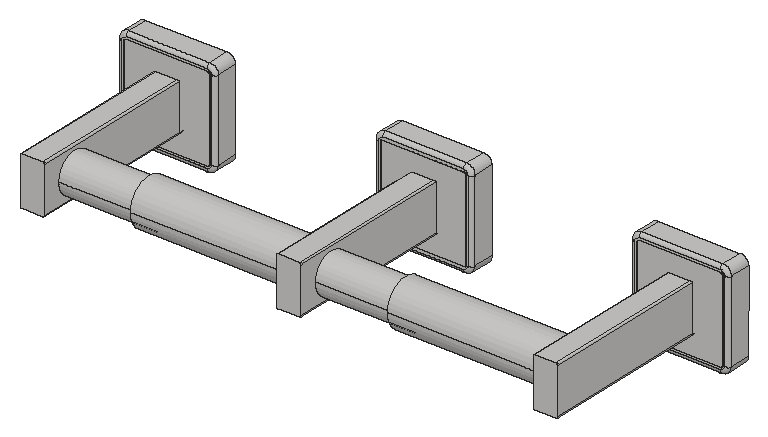
Revit family
Parameters (values of type "B-7686")
  URL = "http://www.bobrick.com/"
  Revised Date = "30/08/2013"
  Product URL = "http://www.bobrick.com/washroomaccessories/Pages/ProductDetails.aspx?Product+Number=B-7686"
  Phone # = "416.250.5656"
  Model = "B-7686"
  Material = Stainless Steel
  Manufacturer = "Bobrick"
  Designed By = "ATS BIM Team"
  Description = "DOUBLE-ROLL STAINLESS STEEL TOILET TISSUE DISPENSER"
  Assembly Code = "E2020200"
Reference planes (in)
  plane 1 "Center (Front/Back)": y = 0
  plane 2: z = 0
  plane 3 "Center (Left/Right)": x = 0
  plane 4: y = -3.9375
  plane 5: z = 20
  plane 6: z = 18
  plane 7: y = -0.5
  plane 8: z = 19
  plane 9: x = -5.25
  plane 10: x = -6.25
  plane 11: x = -4.25
  plane 12: x = 1
  plane 13: x = -1
  plane 14: x = 5.25
  plane 15: x = 6.25
  plane 16: x = 4.25
Forms (in)
  Sweep 1, solid, material "Stainless Steel" <- "Material"
    path origin (-2.625, 0, 0) x (1, 0, 0) y (0, 0, 1)
      loop
        arc (-3.45534, 19.875) -> (-3.48692, 19.86192) -> (-3.5, 19.83034) r 0.04466
        line (-3.5, 19.83034) -> (-3.5, 18.16966)
        arc (-3.5, 18.16966) -> (-3.48692, 18.13808) -> (-3.45534, 18.125) r 0.04466
        line (-3.45534, 18.125) -> (-1.79466, 18.125)
        arc (-1.79466, 18.125) -> (-1.76308, 18.13808) -> (-1.75, 18.16966) r 0.04466
        line (-1.75, 18.16966) -> (-1.75, 19.83034)
        arc (-1.75, 19.83034) -> (-1.76308, 19.86192) -> (-1.79466, 19.875) r 0.04466
        line (-1.79466, 19.875) -> (-3.45534, 19.875)
    profile origin (-5.25, 0, 19.875) x (0, 0, 1) y (0, -1, 0)
      loop
        line (0, 0) -> (0.125, 0) -> (0.125, 0.43237)
        arc (0.125, 0.43237) -> (0.09627, 0.47998) -> (0.0444, 0.5) r 0.08586
        line (0.0444, 0.5) -> (0, 0.5) -> (0, 0)
  Extrusion 2, solid, material "Stainless Steel" <- "Material"
    sketch origin (-2.625, 0, 0) x (1, 0, 0) y (0, 0, 1)
      loop
        arc (-3.5, 18.16966) -> (-3.48692, 18.13808) -> (-3.45534, 18.125) r 0.04466
        line (-3.45534, 18.125) -> (-1.79466, 18.125)
        arc (-1.79466, 18.125) -> (-1.76308, 18.13808) -> (-1.75, 18.16966) r 0.04466
        line (-1.75, 18.16966) -> (-1.75, 19.83034)
        arc (-1.75, 19.83034) -> (-1.76308, 19.86192) -> (-1.79466, 19.875) r 0.04466
        line (-1.79466, 19.875) -> (-3.45534, 19.875)
        arc (-3.45534, 19.875) -> (-3.48692, 19.86192) -> (-3.5, 19.83034) r 0.04466
        line (-3.5, 19.83034) -> (-3.5, 18.16966)
    from 0 to 0.5
  Extrusion 3, solid, material "Stainless Steel" <- "Material"
    sketch origin (-2.625, 0, 0) x (1, 0, 0) y (0, 0, 1)
      loop
        arc (-2.84381, 19.5) -> (-2.86587, 19.49087) -> (-2.875, 19.46881) r 0.03119
        line (-2.875, 19.46881) -> (-2.875, 18.53119)
        arc (-2.875, 18.53119) -> (-2.86587, 18.50913) -> (-2.84381, 18.5) r 0.03119
        line (-2.84381, 18.5) -> (-2.40619, 18.5)
        arc (-2.40619, 18.5) -> (-2.38413, 18.50913) -> (-2.375, 18.53119) r 0.03119
        line (-2.375, 18.53119) -> (-2.375, 19.46881)
        arc (-2.375, 19.46881) -> (-2.38413, 19.49087) -> (-2.40619, 19.5) r 0.03119
        line (-2.40619, 19.5) -> (-2.84381, 19.5)
    from 0 to 3.9375
  Sweep 4, solid, material "Stainless Steel" <- "Material"
    path origin (-2.625, 0, 0) x (-1, 0, 0) y (0, 0, 1)
      loop
        arc (-3.45534, 19.875) -> (-3.48692, 19.86192) -> (-3.5, 19.83034) r 0.04466
        line (-3.5, 19.83034) -> (-3.5, 18.16966)
        arc (-3.5, 18.16966) -> (-3.48692, 18.13808) -> (-3.45534, 18.125) r 0.04466
        line (-3.45534, 18.125) -> (-1.79466, 18.125)
        arc (-1.79466, 18.125) -> (-1.76308, 18.13808) -> (-1.75, 18.16966) r 0.04466
        line (-1.75, 18.16966) -> (-1.75, 19.83034)
        arc (-1.75, 19.83034) -> (-1.76308, 19.86192) -> (-1.79466, 19.875) r 0.04466
        line (-1.79466, 19.875) -> (-3.45534, 19.875)
    profile origin (0, 0, 19.875) x (0, 0, -1) y (0, -1, 0)
      loop
        line (0, 0) -> (0, 0.5) -> (-0.0444, 0.5)
        arc (-0.0444, 0.5) -> (-0.09627, 0.47998) -> (-0.125, 0.43237) r 0.08586
        line (-0.125, 0.43237) -> (-0.125, 0) -> (0, 0)
  Extrusion 5, solid, material "Stainless Steel" <- "Material"
    sketch origin (-2.625, 0, 0) x (-1, 0, 0) y (0, 0, -1)
      loop
        line (-3.5, -18.16966) -> (-3.5, -19.83034)
        arc (-3.5, -19.83034) -> (-3.48692, -19.86192) -> (-3.45534, -19.875) r 0.04466
        line (-3.45534, -19.875) -> (-1.79466, -19.875)
        arc (-1.79466, -19.875) -> (-1.76308, -19.86192) -> (-1.75, -19.83034) r 0.04466
        line (-1.75, -19.83034) -> (-1.75, -18.16966)
        arc (-1.75, -18.16966) -> (-1.76308, -18.13808) -> (-1.79466, -18.125) r 0.04466
        line (-1.79466, -18.125) -> (-3.45534, -18.125)
        arc (-3.45534, -18.125) -> (-3.48692, -18.13808) -> (-3.5, -18.16966) r 0.04466
    from 0 to 0.5
  Extrusion 6, solid, material "Stainless Steel" <- "Material"
    sketch origin (-2.625, 0, 0) x (-1, 0, 0) y (0, 0, -1)
      loop
        line (-2.84381, -19.5) -> (-2.40619, -19.5)
        arc (-2.40619, -19.5) -> (-2.38413, -19.49087) -> (-2.375, -19.46881) r 0.03119
        line (-2.375, -19.46881) -> (-2.375, -18.53119)
        arc (-2.375, -18.53119) -> (-2.38413, -18.50913) -> (-2.40619, -18.5) r 0.03119
        line (-2.40619, -18.5) -> (-2.84381, -18.5)
        arc (-2.84381, -18.5) -> (-2.86587, -18.50913) -> (-2.875, -18.53119) r 0.03119
        line (-2.875, -18.53119) -> (-2.875, -19.46881)
        arc (-2.875, -19.46881) -> (-2.86587, -19.49087) -> (-2.84381, -19.5) r 0.03119
    from 0 to 3.9375
  Extrusion 7, solid, material "Stainless Steel" <- "Material"
    sketch origin (-2.625, 0.24878, 0) x (0, 1, 0) y (0, 0, 1)
      loop
        circle (-3.43628, 19) r 0.46997
    from -0.83738 to 2.375
  Extrusion 8, solid, material "Stainless Steel" <- "Material"
    sketch origin (-2.625, 0.24878, 0) x (0, 1, 0) y (0, 0, 1)
      loop
        circle (-3.43628, 19) r 0.40747
    from -2.375 to 0
  Sweep 9, solid, material "Stainless Steel" <- "Material"
    path origin (2.625, 0, 0) x (-1, 0, 0) y (0, 0, -1)
      loop
        line (-3.45534, -19.875) -> (-1.79466, -19.875)
        arc (-1.79466, -19.875) -> (-1.76308, -19.86192) -> (-1.75, -19.83034) r 0.04466
        line (-1.75, -19.83034) -> (-1.75, -18.16966)
        arc (-1.75, -18.16966) -> (-1.76308, -18.13808) -> (-1.79466, -18.125) r 0.04466
        line (-1.79466, -18.125) -> (-3.45534, -18.125)
        arc (-3.45534, -18.125) -> (-3.48692, -18.13808) -> (-3.5, -18.16966) r 0.04466
        line (-3.5, -18.16966) -> (-3.5, -19.83034)
        arc (-3.5, -19.83034) -> (-3.48692, -19.86192) -> (-3.45534, -19.875) r 0.04466
    profile origin (5.25, 0, 19.875) x (0, 0, -1) y (0, -1, 0)
      loop
        line (0, 0) -> (0, 0.5) -> (-0.0444, 0.5)
        arc (-0.0444, 0.5) -> (-0.09627, 0.47998) -> (-0.125, 0.43237) r 0.08586
        line (-0.125, 0.43237) -> (-0.125, 0) -> (0, 0)
  Extrusion 10, solid, material "Stainless Steel" <- "Material"
    sketch origin (2.625, 0, 0) x (-1, 0, 0) y (0, 0, -1)
      loop
        line (-3.5, -18.16966) -> (-3.5, -19.83034)
        arc (-3.5, -19.83034) -> (-3.48692, -19.86192) -> (-3.45534, -19.875) r 0.04466
        line (-3.45534, -19.875) -> (-1.79466, -19.875)
        arc (-1.79466, -19.875) -> (-1.76308, -19.86192) -> (-1.75, -19.83034) r 0.04466
        line (-1.75, -19.83034) -> (-1.75, -18.16966)
        arc (-1.75, -18.16966) -> (-1.76308, -18.13808) -> (-1.79466, -18.125) r 0.04466
        line (-1.79466, -18.125) -> (-3.45534, -18.125)
        arc (-3.45534, -18.125) -> (-3.48692, -18.13808) -> (-3.5, -18.16966) r 0.04466
    from 0 to 0.5
  Extrusion 11, solid, material "Stainless Steel" <- "Material"
    sketch origin (2.625, 0, 0) x (-1, 0, 0) y (0, 0, -1)
      loop
        line (-2.84381, -19.5) -> (-2.40619, -19.5)
        arc (-2.40619, -19.5) -> (-2.38413, -19.49087) -> (-2.375, -19.46881) r 0.03119
        line (-2.375, -19.46881) -> (-2.375, -18.53119)
        arc (-2.375, -18.53119) -> (-2.38413, -18.50913) -> (-2.40619, -18.5) r 0.03119
        line (-2.40619, -18.5) -> (-2.84381, -18.5)
        arc (-2.84381, -18.5) -> (-2.86587, -18.50913) -> (-2.875, -18.53119) r 0.03119
        line (-2.875, -18.53119) -> (-2.875, -19.46881)
        arc (-2.875, -19.46881) -> (-2.86587, -19.49087) -> (-2.84381, -19.5) r 0.03119
    from 0 to 3.9375
  Extrusion 12, solid, material "Stainless Steel" <- "Material"
    sketch origin (2.625, 0.24878, 0) x (0, 1, 0) y (0, 0, 1)
      loop
        circle (-3.43628, 19) r 0.46997
    from -0.83738 to 2.375
  Extrusion 13, solid, material "Stainless Steel" <- "Material"
    sketch origin (2.625, 0.24878, 0) x (0, 1, 0) y (0, 0, 1)
      loop
        circle (-3.43628, 19) r 0.40747
    from -2.375 to 0
Dimensions and locks (in)
  plane 4 to plane 1 "Center (Front/Back)" = 0' - 3 15/16"
  plane 5 to plane 6 = 0' - 2"
  plane 6 to plane 5 = 0' - 2"
  plane 7 to plane 1 "Center (Front/Back)" = 0' - 0 1/2"  (x2)
  plane 9 to plane 3 "Center (Left/Right)" to plane 14 = 0' - 5 1/4", 0' - 5 1/4"
  plane 10 to plane 11 = 0' - 2"
  plane 1 "Center (Front/Back)" to plane 4 = 0' - 3 15/16"
  plane 9 to plane 3 "Center (Left/Right)" = 0' - 5 1/4"
  plane 15 to plane 16 = 0' - 2"
  plane 15 to plane 10 = 1' - 0 1/2"
